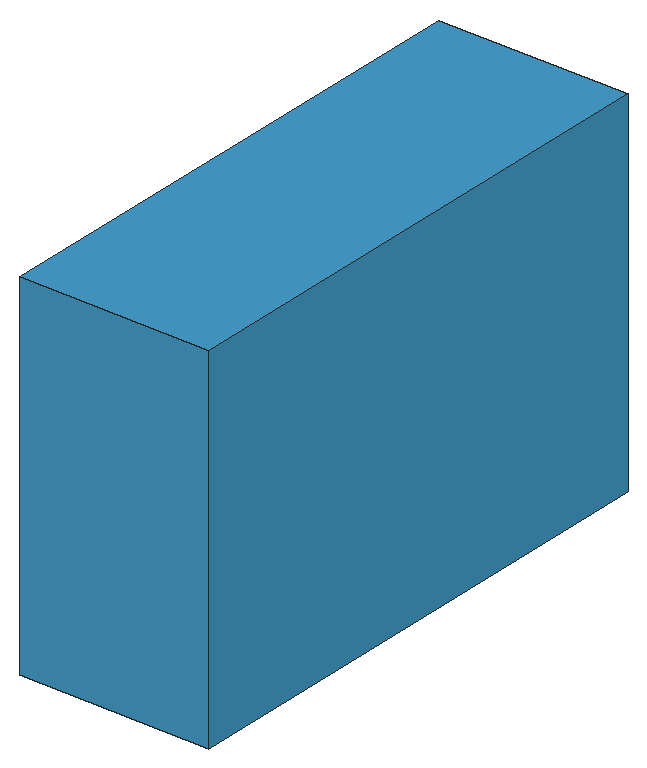
Revit family "Tank 3 m3", category Оборудование, Revit 2025
Family settings
  Размер круглого соединителя = Использовать диаметр
  Классификация = Нет
  Тип детали = Нормальный
  На основе рабочей плоскости = Нет
  Всегда вертикально = Да
  При загрузке вырезать с полостями = Нет
  Сохранять ориентацию аннотаций = Нет
  Общий = Да
  Точка принадлежности помещению = Нет
Parameters
  Ширина = 900 mm
  Отметка по умолчанию = 0 mm
  Длина = 2500 mm
  Высота = 1700 mm
Reference planes
  plane 1 "По центру (Вперед/Назад)": y = 0
  plane 2: z = 0
  plane 3 "По центру (Влево/Вправо)": x = 0
  plane 4: x = -450
  plane 5: x = 450
  plane 6: y = 1250
  plane 7: y = -1250
  plane 8: z = 1700
Forms (mm)
  Extrusion 1, solid, material "ПНД"
    sketch origin (0, 0, 0) x (1, 0, 0) y (0, 1, 0)
      loop
        line (-450, 1250) -> (-450, -1250) -> (450, -1250) -> (450, 1250) -> (-450, 1250)
    from 0 to 1700
Dimensions and locks
  "Длина": plane 6 to plane 7
  "Ширина": plane 4 to plane 5
  equal spacing: plane 6, plane 1 "По центру (Вперед/Назад)", plane 7
  equal spacing: plane 4, plane 3 "По центру (Влево/Вправо)", plane 5
  "Высота": plane 8 to level
  aligned and locked: level to plane 2
  aligned and locked: Extrusion 1 sketch curve to plane 6
  aligned and locked: plane 4 to Extrusion 1 sketch curve
  aligned and locked: plane 7 to Extrusion 1 sketch curve
  aligned and locked: Extrusion 1 sketch curve to plane 5
  aligned and locked: plane 8 to Extrusion 1
